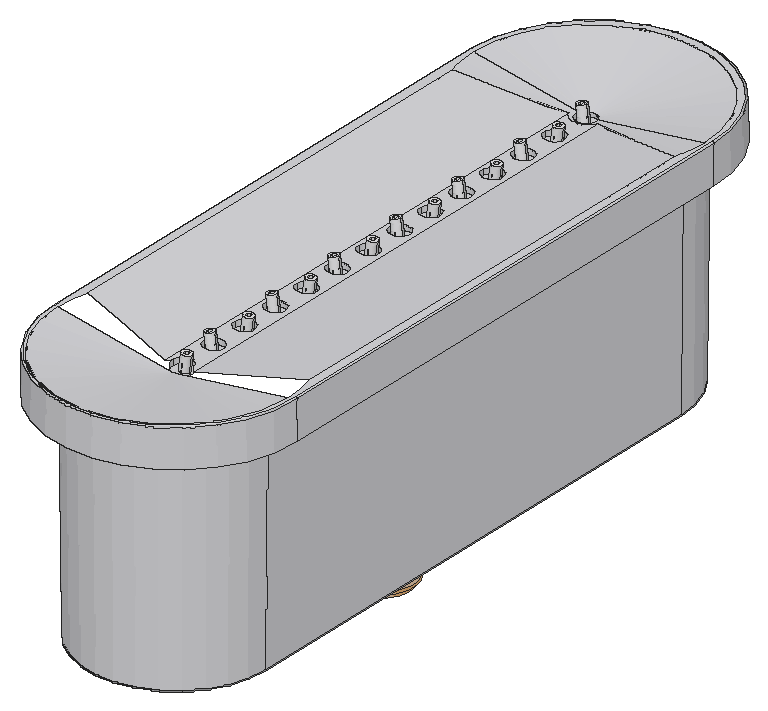
Revit family "Shower-Body_Spray-KOHLER-K-26300IN-1", category Plumbing Fixtures, host Face, Revit 2017
Family settings
  Host = Face
  Round Connector Dimension = Use Diameter
  Part Type = Normal
  OmniClass Number = 23.31.17.00
  Cut with Voids When Loaded = No
  Shared = No
  Room Calculation Point = No
Parameters (values of type "CP- Polished Chrome")
  Width = 3 119/256"  # constant formula
  WaterSense Certified = 1 = 0  # no
  Waste Water Outlet = "Waste Water Outlet"  # constant formula
  Waste Connection = 1 = 0  # no
  Vent Connection = 1 = 0  # no
  URL = "https://www.kohler.co.in/"
  Type = 1
  Tempered Water Inlet = "Tempered Water Inlet"  # constant formula
  Product Page URL = ""
  Product Name = ""
  Product Documentation Link = ""
  Pressure = 80.00 psi  # constant formula
  Model = if(Type = 1, "K-26300IN-CP", if(Type = 2, "K-26300IN-BN", if(Type = 3, "K-26300IN-BL", if(Type = 4, "K-26300IN-2MB", "NA"))))  # "K-26300IN-CP"
  Material = "Plastic"  # constant formula
  Master Format 2014 Name = "Residential Showers"  # constant formula
  Master Format 2014 = "22 42 23"  # constant formula
  Manufacturer Address = "Ambience Office Tower NH-8 Gurgaon / Gurugram Haryana , 122001"  # constant formula
  Manufacturer = "KOHLER Co."  # constant formula
  Length = 10 111/128"  # constant formula
  Hot Water Inlet = "Hot Water Inlet"  # constant formula
  Height = 4 145/256"  # constant formula
  HW Connection = 1 = 1  # yes
  Flow Rate = 2.5 GPM  # constant formula
  Finish = KOHLER-Plastic-CP-Polished_Chrome
  Environmental Product Declaration = ""
  Drain Included = 1 = 0  # no
  Description = "VICHY BODY SPRAY"  # constant formula
  Default Elevation = 0"
  Declare Label = ""
  Date Modified = "02/04/2021"  # constant formula
  Date Created = "02/04/2021"  # constant formula
  Copyright = "Copyright KOHLER Co."  # constant formula
  Contact Us = "https://www.kohler.co.in/contact-us"
  Cold Water Inlet = "Cold Water Inlet"  # constant formula
  CW Connection = 1 = 0  # no
  Assembly Code = "D2010700"
  ADA Compliant = 1 = 0  # no
Types (5): name | Type | Model | Finish
  (no name) | 1 | "K-26300IN-CP" | KOHLER-Plastic-CP-Polished_Chrome
  CP- Polished Chrome | 1 | "K-26300IN-CP" | KOHLER-Plastic-CP-Polished_Chrome
  BN- Brushed Nickel | 2 | "K-26300IN-BN" | KOHLER-Plastic-BN-Vibrant_Brushed_Nickel
  BL- Matte Black | 3 | "K-26300IN-BL" | KOHLER-Plastic-BL-Matte_Black
  2MB- Brushed Moderne Brass | 4 | "K-26300IN-2MB" | KOHLER-Plastic-2MB-Vibrant_Brushed_Moderne_Brass
Reference planes (in)
  plane 1 "Center (Front/Back)": y = 0
  plane 2: z = 0
  plane 3 "Center (Left/Right)": x = 0
  plane 4: z = -4.01523
  plane 5: z = -3.09055
  plane 6: y = 4.37008
  plane 7: y = 5.43307
  plane 8: y = -5.43412
  plane 9: z = 0.55118
  plane 10: x = -1.73228
  plane 11: x = 1.73256
  plane 12: x = -1.29921
  plane 13: x = 1.29921
  plane 14: y = -4.37008
Forms (in)
  Extrusion 1, void
    sketch origin (0, 0, 0) x (1, 0, 0) y (0, 1, 0)
      loop
        arc (1.65354, 3.70007) -> (0, 5.35361) -> (-1.65354, 3.70007) r 1.65354
        line (-1.65354, 3.70007) -> (-1.65354, -3.70007)
        arc (-1.65354, -3.70007) -> (0, -5.35361) -> (1.65354, -3.70007) r 1.65354
        line (1.65354, -3.70007) -> (1.65354, 3.70007)
    from 0 to -3.38583
Dimensions and locks (in)
  "Length": plane 7 to plane 8
  "Width": plane 10 to plane 11
  plane 6 to plane 14 = 8.74016"
  level to plane 9 = 0.55118"
  level to plane 4 = 4.01523"  (x2)
  level to plane 5 = 3.09055"
  plane 7 to plane 8 = 10 111/128"
  plane 12 to plane 13 = 2.59843"
  plane 9 to level = 0.55118"
  plane 10 to plane 11 = 3 119/256"
  "Height": plane 4 to plane 9
  aligned and locked: plane 2 to host face
  aligned and locked: level to host face
  aligned and locked: plane 3 "Center (Left/Right)" to nested 1
  aligned and locked: plane 1 "Center (Front/Back)" to nested 1
  aligned and locked: level to nested 1
Automatic sketch dimensions
  host sketch curve to host sketch curve = 96"  (x2)
  Extrusion 1 sketch curve to plane 3 "Center (Left/Right)" = 0"
  Extrusion 1 sketch curve to plane 10 = 0.07874"
  Extrusion 1 sketch curve to plane 14 = 0.67001"
  Extrusion 1 sketch curve to plane 6 = 0.67001"
Nested families (in)
  nested 1: "K-26300IN" at (0, 0, -3.38583), type "K-26300IN"
Connectors (in)
  piping at (0, 0, -4.01575), diameter 0.5, driven by "Flow Rate", driven by "Pressure", driven by "HW Connection", driven by "Tempered Water Inlet"
    settings: on nested 1, index 1, connector inside diameter 24", connector length 0", flow factor 0, pipe flow 2.5 GPM, pressure drop 80.00 psi, fitting loss kfactor 0, connector angle 0.00°, fixture units 0, engagement length 0", angle of deflection 0.00°, flow configuration 1, flow direction 1, fitting loss method 4, system type 19, joint type 0, gender type 0, connector reference index -1, connector utility 1, adjustable connector no, is connector primary yes, connector description "Tempered Water Inlet"
Definition of nested family "K-26300IN"
  Parameters (values of type "K-26300IN")
    Material = none
  Reference planes (in)
    plane 1 "Center (Front/Back)": y = 0
    plane 2: z = 0
    plane 3 "Center (Left/Right)": x = 0
    plane 4: y = 5.43307
    plane 5: y = -5.43307
    plane 6: x = -1.73228
    plane 7: x = 1.73228
    plane 8: y = 4.37008
    plane 9: y = -4.37008
    plane 10: z = 3.93701
    plane 11: z = 3.38583
    plane 12: z = 0.29528
    plane 13: z = -0.62992
    plane 14: x = -1.29921
    plane 15: x = 1.29921
  Forms (in)
    Sweep 1, solid, material <- "Material", detail levels medium+fine
      path origin (0, 0, 0) x (1, 0, 0) y (0, 1, 0)
        loop
          arc (1.731, 3.70007) -> (0, 5.43106) -> (-1.731, 3.70007) r 1.731
          line (-1.731, 3.70007) -> (-1.731, -3.70049)
          arc (-1.731, -3.70049) -> (0, -5.43148) -> (1.731, -3.70049) r 1.731
          line (1.731, -3.70049) -> (1.731, 3.70007)
      profile origin (1.731, -0.00021, 0) x (1, 0, 0) y (0, 0, 1)
        loop
          line (0, 3.396) -> (-0.01067, 3.92599)
          arc (-0.01067, 3.92599) -> (-0.01668, 3.93989) -> (-0.03069, 3.94561) r 0.02002
          line (-0.03069, 3.94561) -> (-0.58799, 3.94561) -> (-0.58799, 0.30545) -> (-0.47845, 0.30545)
          arc (-0.47845, 0.30545) -> (-0.46446, 0.31121) -> (-0.45858, 0.32515) r 0.01987
          line (-0.45858, 0.32515) -> (-0.43178, 3.396) -> (0, 3.396)
    Extrusion 2, solid, material <- "Material", detail levels medium+fine
      sketch origin (0, 0, 0) x (1, 0, 0) y (0, 1, 0)
        loop
          arc (-1.143, -3.70049) -> (0, -4.84349) -> (1.143, -3.70049) r 1.143
          line (1.143, -3.70049) -> (1.143, 3.70007)
          arc (1.143, 3.70007) -> (0, 4.84307) -> (-1.143, 3.70007) r 1.143
          line (-1.143, 3.70007) -> (-1.143, -3.70049)
      from 0.30545 to 3.94561
    Extrusion 3, void
      sketch origin (0, 0, 0) x (1, 0, 0) y (0, 0, 1)
        loop
          line (0.20833, 3.72268) -> (1.57581, 3.94561) -> (1.57581, 4.01399) -> (-1.57581, 4.01399) -> (-1.57581, 3.94561) -> (-0.20833, 3.72268) -> (0.20833, 3.72268)
      from -3.72679 to 3.79527
    Revolve 4, void
      sketch origin (0, 0, 0) x (0, 1, 0) y (0, 0, 1)
        loop
          line (-5.83099, 4.01497) -> (-3.75129, 3.68558) -> (-3.75129, 4.01497) -> (-5.83099, 4.01497)
        axis (-3.75129, 4.01497) -> (-3.75129, 3.68558)
      angle from -90 to 270
    Revolve 5, void
      sketch origin (-6.70036, 3.64367, 47.24409) x (-1, 0, 0) y (0, 0, 1)
        loop
          line (-6.69976, -43.55858) -> (-4.99667, -43.28884) -> (-6.69976, -43.28884) -> (-6.69976, -43.55858)
        axis (-6.69976, -43.28884) -> (-6.69976, -43.55858)
      angle from 0 to 360
    Extrusion 6, solid, detail levels medium+fine
      sketch origin (-0.52515, 0, 0.04308) x (0.990268, 0, -0.139173) y (0, 1, 0)
        loop
          circle (0.04432, -0.27499) r 0.07032
        loop
          circle (0.04432, -0.27499) r 0.03271
      from 3.58349 to 3.87596
    Extrusion 7, solid, detail levels medium+fine
      sketch origin (-0.52515, -1.10584, 0.04308) x (0.990268, 0, -0.139173) y (0, 1, 0)
        loop
          circle (0.04432, -0.27499) r 0.07032
        loop
          circle (0.04432, -0.27499) r 0.03271
      from 3.58349 to 3.87596
    Extrusion 8, solid, detail levels medium+fine
      sketch origin (-0.52515, -2.20617, 0.04308) x (0.990268, 0, -0.139173) y (0, 1, 0)
        loop
          circle (0.04432, -0.27499) r 0.07032
        loop
          circle (0.04432, -0.27499) r 0.03271
      from 3.58349 to 3.87596
    Extrusion 9, solid, detail levels medium+fine
      sketch origin (-0.52515, -3.30677, 0.04308) x (0.990268, 0, -0.139173) y (0, 1, 0)
        loop
          circle (0.04432, -0.27499) r 0.07032
        loop
          circle (0.04432, -0.27499) r 0.03271
      from 3.58349 to 3.87596
    Extrusion 10, solid, detail levels medium+fine
      sketch origin (0.52515, -0.55135, 0.04308) x (-0.990268, 0, -0.139173) y (0, -1, 0)
        loop
          circle (0.04432, 0.27499) r 0.07032
        loop
          circle (0.04432, 0.27499) r 0.03271
      from 3.58349 to 3.87596
    Extrusion 11, solid, detail levels medium+fine
      sketch origin (0.52515, -1.64969, 0.04308) x (-0.990268, 0, -0.139173) y (0, -1, 0)
        loop
          circle (0.04432, 0.27499) r 0.07032
        loop
          circle (0.04432, 0.27499) r 0.03271
      from 3.58349 to 3.87596
    Extrusion 12, solid, detail levels medium+fine
      sketch origin (0.52515, -2.75456, 0.04308) x (-0.990268, 0, -0.139173) y (0, -1, 0)
        loop
          circle (0.04432, 0.27499) r 0.07032
        loop
          circle (0.04432, 0.27499) r 0.03271
      from 3.58349 to 3.87596
    Extrusion 13, solid, detail levels medium+fine
      sketch origin (-0.52515, 3.29969, 0.04308) x (0.990268, 0, -0.139173) y (0, 1, 0)
        loop
          circle (0.04432, -0.27499) r 0.07032
        loop
          circle (0.04432, -0.27499) r 0.03271
      from 3.58349 to 3.87596
    Extrusion 14, solid, detail levels medium+fine
      sketch origin (-0.52515, 2.19936, 0.04308) x (0.990268, 0, -0.139173) y (0, 1, 0)
        loop
          circle (0.04432, -0.27499) r 0.07032
        loop
          circle (0.04432, -0.27499) r 0.03271
      from 3.58349 to 3.87596
    Extrusion 15, solid, detail levels medium+fine
      sketch origin (-0.52515, 1.09876, 0.04308) x (0.990268, 0, -0.139173) y (0, 1, 0)
        loop
          circle (0.04432, -0.27499) r 0.07032
        loop
          circle (0.04432, -0.27499) r 0.03271
      from 3.58349 to 3.87596
    Extrusion 16, solid, detail levels medium+fine
      sketch origin (0.52515, 3.85418, 0.04308) x (-0.990268, 0, -0.139173) y (0, -1, 0)
        loop
          circle (0.04432, 0.27499) r 0.07032
        loop
          circle (0.04432, 0.27499) r 0.03271
      from 3.58349 to 3.87596
    Extrusion 17, solid, detail levels medium+fine
      sketch origin (0.52515, 2.75584, 0.04308) x (-0.990268, 0, -0.139173) y (0, -1, 0)
        loop
          circle (0.04432, 0.27499) r 0.07032
        loop
          circle (0.04432, 0.27499) r 0.03271
      from 3.58349 to 3.87596
    Extrusion 18, solid, detail levels medium+fine
      sketch origin (0.52515, 1.65097, 0.04308) x (-0.990268, 0, -0.139173) y (0, -1, 0)
        loop
          circle (0.04432, 0.27499) r 0.07032
        loop
          circle (0.04432, 0.27499) r 0.03271
      from 3.58349 to 3.87596
    Extrusion 19, solid, detail levels medium+fine
      sketch origin (0.52515, -0.00038, 0.04308) x (-0.990268, 0, -0.139173) y (0, -1, 0)
        loop
          circle (0.04432, -0.27499) r 0.07032
        loop
          circle (0.04432, -0.27499) r 0.03271
      from 3.58349 to 3.87596
    Revolve 20, solid, detail levels medium+fine
      sketch origin (0, 0, 0) x (0, 1, 0) y (0, 0, 1)
        loop
          line (0, 0.30545) -> (0, -0.62992) -> (0.35375, -0.62992) -> (0.35375, -0.58706) -> (0.41982, -0.54892) -> (0.41982, -0.51425) -> (0.35375, -0.47611) -> (0.35375, -0.42836) -> (0.41982, -0.39021) -> (0.41982, -0.35555) -> (0.35375, -0.3174) -> (0.35375, -0.26966) -> (0.41982, -0.23151) -> (0.41982, -0.19685) -> (0.35375, -0.1587) -> (0.35375, -0.11095) -> (0.41982, -0.07281) -> (0.41982, -0.03815) -> (0.35375, 0) -> (0.35375, 0.04775) -> (0.41982, 0.08589) -> (0.41982, 0.12056) -> (0.35375, 0.1587) -> (0.35375, 0.19449) -> (0.41982, 0.23264) -> (0.41982, 0.30545) -> (0, 0.30545)
        axis (0, 0.30545) -> (0, -0.62992)
      angle from 0 to 360
    Extrusion 21, void
      sketch origin (0, 0, 0) x (1, 0, 0) y (0, 1, 0)
        loop
          circle (0, 3.5816) r 0.14425
        loop
          circle (0, 3.0247) r 0.14425
        loop
          circle (0, 2.47508) r 0.14425
        loop
          circle (0, 1.92445) r 0.14425
        loop
          circle (0, 1.37222) r 0.14425
        loop
          circle (0, 0.82377) r 0.14425
        loop
          circle (0, 0.28061) r 0.14425
        loop
          circle (0, -0.27499) r 0.14425
        loop
          circle (0, -0.82721) r 0.14425
        loop
          circle (0, -1.37647) r 0.14425
        loop
          circle (0, -1.93197) r 0.14425
        loop
          circle (0, -2.48127) r 0.14425
        loop
          circle (0, -3.02874) r 0.14425
        loop
          circle (0, -3.58176) r 0.14425
      from 3.65033 to 4.21312
    Extrusion 22, solid, material <- "Material", detail levels coarse
      sketch origin (0, 0, 0) x (1, 0, 0) y (0, 1, 0)
        loop
          line (-1.731, 3.70007) -> (-1.731, -3.70049)
          arc (-1.731, -3.70049) -> (0, -5.43148) -> (1.731, -3.70049) r 1.731
          line (1.731, -3.70049) -> (1.731, 3.70007)
          arc (1.731, 3.70007) -> (0, 5.43106) -> (-1.731, 3.70007) r 1.731
      from 3.396 to 3.94561
    Extrusion 23, solid, detail levels coarse
      sketch origin (0, 0, 0) x (1, 0, 0) y (0, 1, 0)
        loop
          circle (0, 0) r 0.41982
      from -0.62992 to 0.30545
    Extrusion 24, solid, material <- "Material", detail levels coarse
      sketch origin (0, 0, 0) x (1, 0, 0) y (0, 1, 0)
        loop
          line (-1.29921, 3.70007) -> (-1.29921, -3.70049)
          arc (-1.29921, -3.70049) -> (0, -4.9997) -> (1.29921, -3.70049) r 1.29921
          line (1.29921, -3.70049) -> (1.29921, 3.70007)
          arc (1.29921, 3.70007) -> (0, 4.99928) -> (-1.29921, 3.70007) r 1.29921
      from 0.30545 to 3.396
  Cuts and joins
    Extrusion 3, Revolve 4, Revolve 5, Extrusion 21 cuts Sweep 1
    Extrusion 3, Revolve 4, Revolve 5, Extrusion 21 cuts Extrusion 2
    joined: Sweep 1, Extrusion 2
  Lines and regions (in)
    Masking region 1
      outline origin (0, 0, 0) x (1, 0, 0) y (0, 1, 0)
        loop
          line (1.73228, -3.70173) -> (1.73228, 3.70171)
          arc (1.73228, 3.70171) -> (0, 5.43399) -> (-1.73228, 3.70171) r 1.73228
          line (-1.73228, 3.70171) -> (-1.73228, -3.70173)
          arc (-1.73228, -3.70173) -> (0, -5.43401) -> (1.73228, -3.70173) r 1.73228
    Masking region 2
      outline origin (0, 0, 0) x (1, 0, 0) y (0, 0, 1)
        loop
          line (-0.41996, 0.29528) -> (-0.41996, 0.23264) -> (-0.35389, 0.19449) -> (-0.35389, 0.1587) -> (-0.41996, 0.12056) -> (-0.41996, 0.08589) -> (-0.35389, 0.04775) -> (-0.35389, 0) -> (-0.41996, -0.03815) -> (-0.41996, -0.07281) -> (-0.35389, -0.11095) -> (-0.35389, -0.1587) -> (-0.41996, -0.19685) -> (-0.41996, -0.23151) -> (-0.35389, -0.26966) -> (-0.35389, -0.3174) -> (-0.41996, -0.35555) -> (-0.41996, -0.39021) -> (-0.35389, -0.42836) -> (-0.35389, -0.47611) -> (-0.41996, -0.51425) -> (-0.41996, -0.54892) -> (-0.35389, -0.58706) -> (-0.35389, -0.62992) -> (0.35389, -0.62992) -> (0.35389, -0.58706) -> (0.41996, -0.54892) -> (0.41996, -0.51425) -> (0.35389, -0.47611) -> (0.35389, -0.42836) -> (0.41996, -0.39021) -> (0.41996, -0.35555) -> (0.35389, -0.3174) -> (0.35389, -0.26966) -> (0.41996, -0.23151) -> (0.41996, -0.19685) -> (0.35389, -0.1587) -> (0.35389, -0.11095) -> (0.41996, -0.07281) -> (0.41996, -0.03815) -> (0.35389, 0) -> (0.35389, 0.04775) -> (0.41996, 0.08589) -> (0.41996, 0.12056) -> (0.35389, 0.1587) -> (0.35389, 0.19449) -> (0.41996, 0.23264) -> (0.41996, 0.29528) -> (1.25192, 0.29528)
          arc (1.25192, 0.29528) -> (1.26617, 0.30114) -> (1.27216, 0.31534) r 0.02024
          line (1.27216, 0.31534) -> (1.29895, 3.38583) -> (1.731, 3.38583) -> (1.72052, 3.91676)
          arc (1.72052, 3.91676) -> (1.71433, 3.9311) -> (1.69987, 3.93701) r 0.02066
          line (1.69987, 3.93701) -> (-1.69987, 3.93701)
          arc (-1.69987, 3.93701) -> (-1.71433, 3.9311) -> (-1.72052, 3.91676) r 0.02066
          line (-1.72052, 3.91676) -> (-1.731, 3.38583) -> (-1.29895, 3.38583) -> (-1.27216, 0.31534)
          arc (-1.27216, 0.31534) -> (-1.26617, 0.30114) -> (-1.25192, 0.29528) r 0.02024
          line (-1.25192, 0.29528) -> (-0.41996, 0.29528)
    Masking region 3
      outline origin (0, 0, 0) x (0, 1, 0) y (0, 0, 1)
        loop
          line (0.41982, 0.29528) -> (4.31283, 0.29528)
          arc (4.31283, 0.29528) -> (4.3271, 0.30113) -> (4.33312, 0.31532) r 0.02029
          line (4.33312, 0.31532) -> (4.36994, 3.38583) -> (5.43307, 3.38583) -> (5.42052, 3.91647)
          arc (5.42052, 3.91647) -> (5.41419, 3.93102) -> (5.39949, 3.93701) r 0.02104
          line (5.39949, 3.93701) -> (-5.39949, 3.93701)
          arc (-5.39949, 3.93701) -> (-5.41419, 3.93102) -> (-5.42052, 3.91647) r 0.02104
          line (-5.42052, 3.91647) -> (-5.43307, 3.38583) -> (-4.36994, 3.38583) -> (-4.33313, 0.31533)
          arc (-4.33313, 0.31533) -> (-4.3271, 0.30113) -> (-4.31283, 0.29528) r 0.02029
          line (-4.31283, 0.29528) -> (-0.41982, 0.29528) -> (-0.41982, 0.23264) -> (-0.35375, 0.19449) -> (-0.35375, 0.1587) -> (-0.41982, 0.12056) -> (-0.41982, 0.08589) -> (-0.35375, 0.04775) -> (-0.35375, 0) -> (-0.41982, -0.03815) -> (-0.41982, -0.07281) -> (-0.35375, -0.11095) -> (-0.35375, -0.1587) -> (-0.41982, -0.19685) -> (-0.41982, -0.23151) -> (-0.35375, -0.26966) -> (-0.35375, -0.3174) -> (-0.41982, -0.35555) -> (-0.41982, -0.39021) -> (-0.35375, -0.42836) -> (-0.35375, -0.47611) -> (-0.41982, -0.51425) -> (-0.41982, -0.54892) -> (-0.35375, -0.58706) -> (-0.35375, -0.62992) -> (0.35375, -0.62992) -> (0.35375, -0.58706) -> (0.41982, -0.54892) -> (0.41982, -0.51425) -> (0.35375, -0.47611) -> (0.35375, -0.42836) -> (0.41982, -0.39021) -> (0.41982, -0.35555) -> (0.35375, -0.3174) -> (0.35375, -0.26966) -> (0.41982, -0.23151) -> (0.41982, -0.19685) -> (0.35375, -0.1587) -> (0.35375, -0.11095) -> (0.41982, -0.07281) -> (0.41982, -0.03815) -> (0.35375, 0) -> (0.35375, 0.04775) -> (0.41982, 0.08589) -> (0.41982, 0.12056) -> (0.35375, 0.1587) -> (0.35375, 0.19449) -> (0.41982, 0.23264) -> (0.41982, 0.29528)
    symbolic lines, detail levels medium+fine
      curve 1: arc (1.65354, 3.70007, 0) -> (0, 5.35361, 0) -> (-1.65354, 3.70007, 0) r 1.65354
      curve 2: arc (1.65354, -3.70007, 0) -> (0, -5.35361, 0) -> (-1.65354, -3.70007, 0) r 1.65354
      curve 3: line (-1.65354, -3.70007, 0) -> (-1.65354, 3.70007, 0)
      curve 4: line (1.65354, -3.70007, 0) -> (1.65354, 3.70007, 0)
      curve 5: line (-0.20833, 3.64513, 0) -> (-0.20833, -3.64513, 0)
      curve 6: line (0.20833, -3.64513, 0) -> (0.20833, 3.64513, 0)
      curve 7: arc (-0.20833, -3.64513, 0) -> (0, -3.85346, 0) -> (0.20833, -3.64513, 0) r 0.20833
      curve 8: arc (-0.20833, 3.64513, 0) -> (0, 3.85346, 0) -> (0.20833, 3.64513, 0) r 0.20833
      curve 9: spline (-0.05817, 3.61189, 0) -> (-0.04979, 3.61078, 0) -> (-0.04197, 3.60751, 0) -> (-0.03527, 3.60231, 0) -> (-0.03012, 3.59554, 0) -> (-0.02688, 3.58765, 0) -> (-0.02578, 3.57919, 0) -> (-0.02688, 3.57072, 0) -> (-0.03012, 3.56283, 0) -> (-0.03527, 3.55606, 0) -> (-0.04197, 3.55086, 0) -> (-0.04979, 3.54759, 0) -> (-0.05817, 3.54648, 0) -> (-0.06655, 3.54759, 0) -> (-0.07436, 3.55086, 0) -> (-0.08107, 3.55606, 0) -> (-0.08622, 3.56283, 0) -> (-0.08945, 3.57072, 0) -> (-0.09056, 3.57919, 0) -> (-0.08945, 3.58765, 0) -> (-0.08622, 3.59554, 0) -> (-0.08107, 3.60231, 0) -> (-0.07436, 3.60751, 0) -> (-0.06655, 3.61078, 0) -> (-0.05817, 3.61189, 0)
      curve 10: spline (-0.05817, 3.50887, 0) -> (-0.04015, 3.51126, 0) -> (-0.02335, 3.51829, 0) -> (-0.00893, 3.52946, 0) -> (0.00214, 3.54403, 0) -> (0.00909, 3.56099, 0) -> (0.01147, 3.57919, 0) -> (0.00909, 3.59739, 0) -> (0.00214, 3.61435, 0) -> (-0.00893, 3.62891, 0) -> (-0.02335, 3.64009, 0) -> (-0.04015, 3.64711, 0) -> (-0.05817, 3.64951, 0) -> (-0.07619, 3.64711, 0) -> (-0.09299, 3.64009, 0) -> (-0.10741, 3.62891, 0) -> (-0.11848, 3.61435, 0) -> (-0.12543, 3.59739, 0) -> (-0.12781, 3.57919, 0) -> (-0.12543, 3.56099, 0) -> (-0.11848, 3.54403, 0) -> (-0.10741, 3.52946, 0) -> (-0.09299, 3.51829, 0) -> (-0.07619, 3.51126, 0) -> (-0.05817, 3.50887, 0)
      curve 11: spline (0.05817, 3.05741, 0) -> (0.06655, 3.05629, 0) -> (0.07436, 3.05303, 0) -> (0.08107, 3.04783, 0) -> (0.08622, 3.04105, 0) -> (0.08945, 3.03317, 0) -> (0.09056, 3.0247, 0) -> (0.08945, 3.01624, 0) -> (0.08622, 3.00835, 0) -> (0.08107, 3.00157, 0) -> (0.07436, 2.99638, 0) -> (0.06655, 2.99311, 0) -> (0.05817, 2.99199, 0) -> (0.04979, 2.99311, 0) -> (0.04197, 2.99638, 0) -> (0.03527, 3.00157, 0) -> (0.03012, 3.00835, 0) -> (0.02688, 3.01624, 0) -> (0.02578, 3.0247, 0) -> (0.02688, 3.03317, 0) -> (0.03012, 3.04105, 0) -> (0.03527, 3.04783, 0) -> (0.04197, 3.05303, 0) -> (0.04979, 3.05629, 0) -> (0.05817, 3.05741, 0)
      curve 12: spline (0.05817, 2.95438, 0) -> (0.07619, 2.95678, 0) -> (0.09299, 2.9638, 0) -> (0.10741, 2.97498, 0) -> (0.11848, 2.98954, 0) -> (0.12543, 3.0065, 0) -> (0.12781, 3.0247, 0) -> (0.12543, 3.0429, 0) -> (0.11848, 3.05986, 0) -> (0.10741, 3.07443, 0) -> (0.09299, 3.0856, 0) -> (0.07619, 3.09263, 0) -> (0.05817, 3.09502, 0) -> (0.04015, 3.09263, 0) -> (0.02335, 3.0856, 0) -> (0.00893, 3.07443, 0) -> (-0.00214, 3.05986, 0) -> (-0.00909, 3.0429, 0) -> (-0.01147, 3.0247, 0) -> (-0.00909, 3.0065, 0) -> (-0.00214, 2.98954, 0) -> (0.00893, 2.97498, 0) -> (0.02335, 2.9638, 0) -> (0.04015, 2.95678, 0) -> (0.05817, 2.95438, 0)
      curve 13: spline (-0.05817, 2.51356, 0) -> (-0.04979, 2.51244, 0) -> (-0.04197, 2.50918, 0) -> (-0.03527, 2.50398, 0) -> (-0.03012, 2.4972, 0) -> (-0.02688, 2.48932, 0) -> (-0.02578, 2.48085, 0) -> (-0.02688, 2.47239, 0) -> (-0.03012, 2.4645, 0) -> (-0.03527, 2.45772, 0) -> (-0.04197, 2.45253, 0) -> (-0.04979, 2.44926, 0) -> (-0.05817, 2.44814, 0) -> (-0.06655, 2.44926, 0) -> (-0.07436, 2.45253, 0) -> (-0.08107, 2.45772, 0) -> (-0.08622, 2.4645, 0) -> (-0.08945, 2.47239, 0) -> (-0.09056, 2.48085, 0) -> (-0.08945, 2.48932, 0) -> (-0.08622, 2.4972, 0) -> (-0.08107, 2.50398, 0) -> (-0.07436, 2.50918, 0) -> (-0.06655, 2.51244, 0) -> (-0.05817, 2.51356, 0)
      curve 14: spline (-0.05817, 2.41053, 0) -> (-0.04015, 2.41293, 0) -> (-0.02335, 2.41995, 0) -> (-0.00893, 2.43113, 0) -> (0.00214, 2.44569, 0) -> (0.00909, 2.46265, 0) -> (0.01147, 2.48085, 0) -> (0.00909, 2.49905, 0) -> (0.00214, 2.51601, 0) -> (-0.00893, 2.53058, 0) -> (-0.02335, 2.54175, 0) -> (-0.04015, 2.54878, 0) -> (-0.05817, 2.55117, 0) -> (-0.07619, 2.54878, 0) -> (-0.09299, 2.54175, 0) -> (-0.10741, 2.53058, 0) -> (-0.11848, 2.51601, 0) -> (-0.12543, 2.49905, 0) -> (-0.12781, 2.48085, 0) -> (-0.12543, 2.46265, 0) -> (-0.11848, 2.44569, 0) -> (-0.10741, 2.43113, 0) -> (-0.09299, 2.41995, 0) -> (-0.07619, 2.41293, 0) -> (-0.05817, 2.41053, 0)
      curve 15: spline (0.05817, 1.95708, 0) -> (0.06655, 1.95596, 0) -> (0.07436, 1.9527, 0) -> (0.08107, 1.9475, 0) -> (0.08622, 1.94072, 0) -> (0.08945, 1.93284, 0) -> (0.09056, 1.92437, 0) -> (0.08945, 1.91591, 0) -> (0.08622, 1.90802, 0) -> (0.08107, 1.90124, 0) -> (0.07436, 1.89605, 0) -> (0.06655, 1.89278, 0) -> (0.05817, 1.89166, 0) -> (0.04979, 1.89278, 0) -> (0.04197, 1.89605, 0) -> (0.03527, 1.90124, 0) -> (0.03012, 1.90802, 0) -> (0.02688, 1.91591, 0) -> (0.02578, 1.92437, 0) -> (0.02688, 1.93284, 0) -> (0.03012, 1.94072, 0) -> (0.03527, 1.9475, 0) -> (0.04197, 1.9527, 0) -> (0.04979, 1.95596, 0) -> (0.05817, 1.95708, 0)
      curve 16: spline (0.05817, 1.85405, 0) -> (0.07619, 1.85645, 0) -> (0.09299, 1.86347, 0) -> (0.10741, 1.87465, 0) -> (0.11848, 1.88921, 0) -> (0.12543, 1.90617, 0) -> (0.12781, 1.92437, 0) -> (0.12543, 1.94257, 0) -> (0.11848, 1.95953, 0) -> (0.10741, 1.97409, 0) -> (0.09299, 1.98527, 0) -> (0.07619, 1.9923, 0) -> (0.05817, 1.99469, 0) -> (0.04015, 1.9923, 0) -> (0.02335, 1.98527, 0) -> (0.00893, 1.97409, 0) -> (-0.00214, 1.95953, 0) -> (-0.00909, 1.94257, 0) -> (-0.01147, 1.92437, 0) -> (-0.00909, 1.90617, 0) -> (-0.00214, 1.88921, 0) -> (0.00893, 1.87465, 0) -> (0.02335, 1.86347, 0) -> (0.04015, 1.85645, 0) -> (0.05817, 1.85405, 0)
      curve 17: spline (-0.05817, 1.40868, 0) -> (-0.04979, 1.40757, 0) -> (-0.04197, 1.4043, 0) -> (-0.03527, 1.3991, 0) -> (-0.03012, 1.39233, 0) -> (-0.02688, 1.38444, 0) -> (-0.02578, 1.37598, 0) -> (-0.02688, 1.36751, 0) -> (-0.03012, 1.35962, 0) -> (-0.03527, 1.35285, 0) -> (-0.04197, 1.34765, 0) -> (-0.04979, 1.34438, 0) -> (-0.05817, 1.34327, 0) -> (-0.06655, 1.34438, 0) -> (-0.07436, 1.34765, 0) -> (-0.08107, 1.35285, 0) -> (-0.08622, 1.35962, 0) -> (-0.08945, 1.36751, 0) -> (-0.09056, 1.37598, 0) -> (-0.08945, 1.38444, 0) -> (-0.08622, 1.39233, 0) -> (-0.08107, 1.3991, 0) -> (-0.07436, 1.4043, 0) -> (-0.06655, 1.40757, 0) -> (-0.05817, 1.40868, 0)
      curve 18: spline (-0.05817, 1.30566, 0) -> (-0.04015, 1.30805, 0) -> (-0.02335, 1.31508, 0) -> (-0.00893, 1.32625, 0) -> (0.00214, 1.34082, 0) -> (0.00909, 1.35778, 0) -> (0.01147, 1.37598, 0) -> (0.00909, 1.39418, 0) -> (0.00214, 1.41114, 0) -> (-0.00893, 1.4257, 0) -> (-0.02335, 1.43688, 0) -> (-0.04015, 1.4439, 0) -> (-0.05817, 1.4463, 0) -> (-0.07619, 1.4439, 0) -> (-0.09299, 1.43688, 0) -> (-0.10741, 1.4257, 0) -> (-0.11848, 1.41114, 0) -> (-0.12543, 1.39418, 0) -> (-0.12781, 1.37598, 0) -> (-0.12543, 1.35778, 0) -> (-0.11848, 1.34082, 0) -> (-0.10741, 1.32625, 0) -> (-0.09299, 1.31508, 0) -> (-0.07619, 1.30805, 0) -> (-0.05817, 1.30566, 0)
      curve 19: spline (0.05817, 0.85647, 0) -> (0.06655, 0.85536, 0) -> (0.07436, 0.85209, 0) -> (0.08107, 0.84689, 0) -> (0.08622, 0.84012, 0) -> (0.08945, 0.83223, 0) -> (0.09056, 0.82377, 0) -> (0.08945, 0.8153, 0) -> (0.08622, 0.80741, 0) -> (0.08107, 0.80064, 0) -> (0.07436, 0.79544, 0) -> (0.06655, 0.79217, 0) -> (0.05817, 0.79106, 0) -> (0.04979, 0.79217, 0) -> (0.04197, 0.79544, 0) -> (0.03527, 0.80064, 0) -> (0.03012, 0.80741, 0) -> (0.02688, 0.8153, 0) -> (0.02578, 0.82377, 0) -> (0.02688, 0.83223, 0) -> (0.03012, 0.84012, 0) -> (0.03527, 0.84689, 0) -> (0.04197, 0.85209, 0) -> (0.04979, 0.85536, 0) -> (0.05817, 0.85647, 0)
      curve 20: spline (0.05817, 0.75345, 0) -> (0.07619, 0.75584, 0) -> (0.09299, 0.76287, 0) -> (0.10741, 0.77404, 0) -> (0.11848, 0.78861, 0) -> (0.12543, 0.80557, 0) -> (0.12781, 0.82377, 0) -> (0.12543, 0.84197, 0) -> (0.11848, 0.85893, 0) -> (0.10741, 0.87349, 0) -> (0.09299, 0.88467, 0) -> (0.07619, 0.89169, 0) -> (0.05817, 0.89409, 0) -> (0.04015, 0.89169, 0) -> (0.02335, 0.88467, 0) -> (0.00893, 0.87349, 0) -> (-0.00214, 0.85893, 0) -> (-0.00909, 0.84197, 0) -> (-0.01147, 0.82377, 0) -> (-0.00909, 0.80557, 0) -> (-0.00214, 0.78861, 0) -> (0.00893, 0.77404, 0) -> (0.02335, 0.76287, 0) -> (0.04015, 0.75584, 0) -> (0.05817, 0.75345, 0)
      curve 21: spline (-0.05817, 0.30732, 0) -> (-0.04979, 0.3062, 0) -> (-0.04197, 0.30293, 0) -> (-0.03527, 0.29774, 0) -> (-0.03012, 0.29096, 0) -> (-0.02688, 0.28307, 0) -> (-0.02578, 0.27461, 0) -> (-0.02688, 0.26614, 0) -> (-0.03012, 0.25826, 0) -> (-0.03527, 0.25148, 0) -> (-0.04197, 0.24628, 0) -> (-0.04979, 0.24302, 0) -> (-0.05817, 0.2419, 0) -> (-0.06655, 0.24302, 0) -> (-0.07436, 0.24628, 0) -> (-0.08107, 0.25148, 0) -> (-0.08622, 0.25826, 0) -> (-0.08945, 0.26614, 0) -> (-0.09056, 0.27461, 0) -> (-0.08945, 0.28307, 0) -> (-0.08622, 0.29096, 0) -> (-0.08107, 0.29774, 0) -> (-0.07436, 0.30293, 0) -> (-0.06655, 0.3062, 0) -> (-0.05817, 0.30732, 0)
      curve 22: spline (-0.05817, 0.20429, 0) -> (-0.04015, 0.20669, 0) -> (-0.02335, 0.21371, 0) -> (-0.00893, 0.22489, 0) -> (0.00214, 0.23945, 0) -> (0.00909, 0.25641, 0) -> (0.01147, 0.27461, 0) -> (0.00909, 0.29281, 0) -> (0.00214, 0.30977, 0) -> (-0.00893, 0.32433, 0) -> (-0.02335, 0.33551, 0) -> (-0.04015, 0.34253, 0) -> (-0.05817, 0.34493, 0) -> (-0.07619, 0.34253, 0) -> (-0.09299, 0.33551, 0) -> (-0.10741, 0.32433, 0) -> (-0.11848, 0.30977, 0) -> (-0.12543, 0.29281, 0) -> (-0.12781, 0.27461, 0) -> (-0.12543, 0.25641, 0) -> (-0.11848, 0.23945, 0) -> (-0.10741, 0.22489, 0) -> (-0.09299, 0.21371, 0) -> (-0.07619, 0.20669, 0) -> (-0.05817, 0.20429, 0)
      curve 23: spline (0.05817, -0.24228, 0) -> (0.06655, -0.2434, 0) -> (0.07436, -0.24666, 0) -> (0.08107, -0.25186, 0) -> (0.08622, -0.25864, 0) -> (0.08945, -0.26652, 0) -> (0.09056, -0.27499, 0) -> (0.08945, -0.28345, 0) -> (0.08622, -0.29134, 0) -> (0.08107, -0.29812, 0) -> (0.07436, -0.30331, 0) -> (0.06655, -0.30658, 0) -> (0.05817, -0.3077, 0) -> (0.04979, -0.30658, 0) -> (0.04197, -0.30331, 0) -> (0.03527, -0.29812, 0) -> (0.03012, -0.29134, 0) -> (0.02688, -0.28345, 0) -> (0.02578, -0.27499, 0) -> (0.02688, -0.26652, 0) -> (0.03012, -0.25864, 0) -> (0.03527, -0.25186, 0) -> (0.04197, -0.24666, 0) -> (0.04979, -0.2434, 0) -> (0.05817, -0.24228, 0)
      curve 24: spline (0.05817, -0.34531, 0) -> (0.07619, -0.34291, 0) -> (0.09299, -0.33589, 0) -> (0.10741, -0.32471, 0) -> (0.11848, -0.31015, 0) -> (0.12543, -0.29319, 0) -> (0.12781, -0.27499, 0) -> (0.12543, -0.25679, 0) -> (0.11848, -0.23983, 0) -> (0.10741, -0.22526, 0) -> (0.09299, -0.21409, 0) -> (0.07619, -0.20706, 0) -> (0.05817, -0.20467, 0) -> (0.04015, -0.20706, 0) -> (0.02335, -0.21409, 0) -> (0.00893, -0.22526, 0) -> (-0.00214, -0.23983, 0) -> (-0.00909, -0.25679, 0) -> (-0.01147, -0.27499, 0) -> (-0.00909, -0.29319, 0) -> (-0.00214, -0.31015, 0) -> (0.00893, -0.32471, 0) -> (0.02335, -0.33589, 0) -> (0.04015, -0.34291, 0) -> (0.05817, -0.34531, 0)
      curve 25: spline (-0.05817, -0.79363, 0) -> (-0.04979, -0.79475, 0) -> (-0.04197, -0.79802, 0) -> (-0.03527, -0.80321, 0) -> (-0.03012, -0.80999, 0) -> (-0.02688, -0.81788, 0) -> (-0.02578, -0.82634, 0) -> (-0.02688, -0.83481, 0) -> (-0.03012, -0.8427, 0) -> (-0.03527, -0.84947, 0) -> (-0.04197, -0.85467, 0) -> (-0.04979, -0.85793, 0) -> (-0.05817, -0.85905, 0) -> (-0.06655, -0.85793, 0) -> (-0.07436, -0.85467, 0) -> (-0.08107, -0.84947, 0) -> (-0.08622, -0.8427, 0) -> (-0.08945, -0.83481, 0) -> (-0.09056, -0.82634, 0) -> (-0.08945, -0.81788, 0) -> (-0.08622, -0.80999, 0) -> (-0.08107, -0.80321, 0) -> (-0.07436, -0.79802, 0) -> (-0.06655, -0.79475, 0) -> (-0.05817, -0.79363, 0)
      curve 26: spline (-0.05817, -0.89666, 0) -> (-0.04015, -0.89427, 0) -> (-0.02335, -0.88724, 0) -> (-0.00893, -0.87607, 0) -> (0.00214, -0.8615, 0) -> (0.00909, -0.84454, 0) -> (0.01147, -0.82634, 0) -> (0.00909, -0.80814, 0) -> (0.00214, -0.79118, 0) -> (-0.00893, -0.77662, 0) -> (-0.02335, -0.76544, 0) -> (-0.04015, -0.75842, 0) -> (-0.05817, -0.75602, 0) -> (-0.07619, -0.75842, 0) -> (-0.09299, -0.76544, 0) -> (-0.10741, -0.77662, 0) -> (-0.11848, -0.79118, 0) -> (-0.12543, -0.80814, 0) -> (-0.12781, -0.82634, 0) -> (-0.12543, -0.84454, 0) -> (-0.11848, -0.8615, 0) -> (-0.10741, -0.87607, 0) -> (-0.09299, -0.88724, 0) -> (-0.07619, -0.89427, 0) -> (-0.05817, -0.89666, 0)
      curve 27: spline (0.05817, -1.34812, 0) -> (0.06655, -1.34923, 0) -> (0.07436, -1.3525, 0) -> (0.08107, -1.3577, 0) -> (0.08622, -1.36447, 0) -> (0.08945, -1.37236, 0) -> (0.09056, -1.38083, 0) -> (0.08945, -1.38929, 0) -> (0.08622, -1.39718, 0) -> (0.08107, -1.40396, 0) -> (0.07436, -1.40915, 0) -> (0.06655, -1.41242, 0) -> (0.05817, -1.41353, 0) -> (0.04979, -1.41242, 0) -> (0.04197, -1.40915, 0) -> (0.03527, -1.40396, 0) -> (0.03012, -1.39718, 0) -> (0.02688, -1.38929, 0) -> (0.02578, -1.38083, 0) -> (0.02688, -1.37236, 0) -> (0.03012, -1.36447, 0) -> (0.03527, -1.3577, 0) -> (0.04197, -1.3525, 0) -> (0.04979, -1.34923, 0) -> (0.05817, -1.34812, 0)
      curve 28: spline (0.05817, -1.45115, 0) -> (0.07619, -1.44875, 0) -> (0.09299, -1.44173, 0) -> (0.10741, -1.43055, 0) -> (0.11848, -1.41599, 0) -> (0.12543, -1.39903, 0) -> (0.12781, -1.38083, 0) -> (0.12543, -1.36263, 0) -> (0.11848, -1.34567, 0) -> (0.10741, -1.3311, 0) -> (0.09299, -1.31993, 0) -> (0.07619, -1.3129, 0) -> (0.05817, -1.31051, 0) -> (0.04015, -1.3129, 0) -> (0.02335, -1.31993, 0) -> (0.00893, -1.3311, 0) -> (-0.00214, -1.34567, 0) -> (-0.00909, -1.36263, 0) -> (-0.01147, -1.38083, 0) -> (-0.00909, -1.39903, 0) -> (-0.00214, -1.41599, 0) -> (0.00893, -1.43055, 0) -> (0.02335, -1.44173, 0) -> (0.04015, -1.44875, 0) -> (0.05817, -1.45115, 0)
      curve 29: spline (-0.05817, -1.89197, 0) -> (-0.04979, -1.89308, 0) -> (-0.04197, -1.89635, 0) -> (-0.03527, -1.90155, 0) -> (-0.03012, -1.90832, 0) -> (-0.02688, -1.91621, 0) -> (-0.02578, -1.92468, 0) -> (-0.02688, -1.93314, 0) -> (-0.03012, -1.94103, 0) -> (-0.03527, -1.94781, 0) -> (-0.04197, -1.953, 0) -> (-0.04979, -1.95627, 0) -> (-0.05817, -1.95738, 0) -> (-0.06655, -1.95627, 0) -> (-0.07436, -1.953, 0) -> (-0.08107, -1.94781, 0) -> (-0.08622, -1.94103, 0) -> (-0.08945, -1.93314, 0) -> (-0.09056, -1.92468, 0) -> (-0.08945, -1.91621, 0) -> (-0.08622, -1.90832, 0) -> (-0.08107, -1.90155, 0) -> (-0.07436, -1.89635, 0) -> (-0.06655, -1.89308, 0) -> (-0.05817, -1.89197, 0)
      curve 30: spline (-0.05817, -1.995, 0) -> (-0.04015, -1.9926, 0) -> (-0.02335, -1.98558, 0) -> (-0.00893, -1.9744, 0) -> (0.00214, -1.95984, 0) -> (0.00909, -1.94288, 0) -> (0.01147, -1.92468, 0) -> (0.00909, -1.90648, 0) -> (0.00214, -1.88952, 0) -> (-0.00893, -1.87495, 0) -> (-0.02335, -1.86378, 0) -> (-0.04015, -1.85675, 0) -> (-0.05817, -1.85436, 0) -> (-0.07619, -1.85675, 0) -> (-0.09299, -1.86378, 0) -> (-0.10741, -1.87495, 0) -> (-0.11848, -1.88952, 0) -> (-0.12543, -1.90648, 0) -> (-0.12781, -1.92468, 0) -> (-0.12543, -1.94288, 0) -> (-0.11848, -1.95984, 0) -> (-0.10741, -1.9744, 0) -> (-0.09299, -1.98558, 0) -> (-0.07619, -1.9926, 0) -> (-0.05817, -1.995, 0)
      curve 31: spline (0.05817, -2.44845, 0) -> (0.06655, -2.44957, 0) -> (0.07436, -2.45283, 0) -> (0.08107, -2.45803, 0) -> (0.08622, -2.4648, 0) -> (0.08945, -2.47269, 0) -> (0.09056, -2.48116, 0) -> (0.08945, -2.48962, 0) -> (0.08622, -2.49751, 0) -> (0.08107, -2.50429, 0) -> (0.07436, -2.50948, 0) -> (0.06655, -2.51275, 0) -> (0.05817, -2.51387, 0) -> (0.04979, -2.51275, 0) -> (0.04197, -2.50948, 0) -> (0.03527, -2.50429, 0) -> (0.03012, -2.49751, 0) -> (0.02688, -2.48962, 0) -> (0.02578, -2.48116, 0) -> (0.02688, -2.47269, 0) -> (0.03012, -2.4648, 0) -> (0.03527, -2.45803, 0) -> (0.04197, -2.45283, 0) -> (0.04979, -2.44957, 0) -> (0.05817, -2.44845, 0)
      curve 32: spline (0.05817, -2.55148, 0) -> (0.07619, -2.54908, 0) -> (0.09299, -2.54206, 0) -> (0.10741, -2.53088, 0) -> (0.11848, -2.51632, 0) -> (0.12543, -2.49936, 0) -> (0.12781, -2.48116, 0) -> (0.12543, -2.46296, 0) -> (0.11848, -2.446, 0) -> (0.10741, -2.43143, 0) -> (0.09299, -2.42026, 0) -> (0.07619, -2.41323, 0) -> (0.05817, -2.41084, 0) -> (0.04015, -2.41323, 0) -> (0.02335, -2.42026, 0) -> (0.00893, -2.43143, 0) -> (-0.00214, -2.446, 0) -> (-0.00909, -2.46296, 0) -> (-0.01147, -2.48116, 0) -> (-0.00909, -2.49936, 0) -> (-0.00214, -2.51632, 0) -> (0.00893, -2.53088, 0) -> (0.02335, -2.54206, 0) -> (0.04015, -2.54908, 0) -> (0.05817, -2.55148, 0)
      curve 33: spline (-0.05817, -2.99685, 0) -> (-0.04979, -2.99796, 0) -> (-0.04197, -3.00123, 0) -> (-0.03527, -3.00642, 0) -> (-0.03012, -3.0132, 0) -> (-0.02688, -3.02109, 0) -> (-0.02578, -3.02955, 0) -> (-0.02688, -3.03802, 0) -> (-0.03012, -3.04591, 0) -> (-0.03527, -3.05268, 0) -> (-0.04197, -3.05788, 0) -> (-0.04979, -3.06115, 0) -> (-0.05817, -3.06226, 0) -> (-0.06655, -3.06115, 0) -> (-0.07436, -3.05788, 0) -> (-0.08107, -3.05268, 0) -> (-0.08622, -3.04591, 0) -> (-0.08945, -3.03802, 0) -> (-0.09056, -3.02955, 0) -> (-0.08945, -3.02109, 0) -> (-0.08622, -3.0132, 0) -> (-0.08107, -3.00642, 0) -> (-0.07436, -3.00123, 0) -> (-0.06655, -2.99796, 0) -> (-0.05817, -2.99685, 0)
      curve 34: spline (-0.05817, -3.09987, 0) -> (-0.04015, -3.09748, 0) -> (-0.02335, -3.09045, 0) -> (-0.00893, -3.07928, 0) -> (0.00214, -3.06471, 0) -> (0.00909, -3.04775, 0) -> (0.01147, -3.02955, 0) -> (0.00909, -3.01135, 0) -> (0.00214, -2.99439, 0) -> (-0.00893, -2.97983, 0) -> (-0.02335, -2.96865, 0) -> (-0.04015, -2.96163, 0) -> (-0.05817, -2.95923, 0) -> (-0.07619, -2.96163, 0) -> (-0.09299, -2.96865, 0) -> (-0.10741, -2.97983, 0) -> (-0.11848, -2.99439, 0) -> (-0.12543, -3.01135, 0) -> (-0.12781, -3.02955, 0) -> (-0.12543, -3.04775, 0) -> (-0.11848, -3.06471, 0) -> (-0.10741, -3.07928, 0) -> (-0.09299, -3.09045, 0) -> (-0.07619, -3.09748, 0) -> (-0.05817, -3.09987, 0)
      curve 35: spline (0.05471, -3.54905, 0) -> (0.0631, -3.55017, 0) -> (0.07091, -3.55344, 0) -> (0.07761, -3.55863, 0) -> (0.08276, -3.56541, 0) -> (0.086, -3.5733, 0) -> (0.0871, -3.58176, 0) -> (0.086, -3.59023, 0) -> (0.08276, -3.59812, 0) -> (0.07761, -3.60489, 0) -> (0.07091, -3.61009, 0) -> (0.0631, -3.61335, 0) -> (0.05471, -3.61447, 0) -> (0.04633, -3.61335, 0) -> (0.03852, -3.61009, 0) -> (0.03181, -3.60489, 0) -> (0.02666, -3.59812, 0) -> (0.02343, -3.59023, 0) -> (0.02232, -3.58176, 0) -> (0.02343, -3.5733, 0) -> (0.02666, -3.56541, 0) -> (0.03181, -3.55863, 0) -> (0.03852, -3.55344, 0) -> (0.04633, -3.55017, 0) -> (0.05471, -3.54905, 0)
      curve 36: spline (0.05471, -3.65208, 0) -> (0.07274, -3.64969, 0) -> (0.08953, -3.64266, 0) -> (0.10395, -3.63149, 0) -> (0.11502, -3.61692, 0) -> (0.12198, -3.59996, 0) -> (0.12435, -3.58176, 0) -> (0.12198, -3.56356, 0) -> (0.11502, -3.5466, 0) -> (0.10395, -3.53204, 0) -> (0.08953, -3.52086, 0) -> (0.07274, -3.51384, 0) -> (0.05471, -3.51144, 0) -> (0.03669, -3.51384, 0) -> (0.01989, -3.52086, 0) -> (0.00547, -3.53204, 0) -> (-0.00559, -3.5466, 0) -> (-0.01255, -3.56356, 0) -> (-0.01492, -3.58176, 0) -> (-0.01255, -3.59996, 0) -> (-0.00559, -3.61692, 0) -> (0.00547, -3.63149, 0) -> (0.01989, -3.64266, 0) -> (0.03669, -3.64969, 0) -> (0.05471, -3.65208, 0)
      curve 37: circle (0, 3.5816, 0) r 0.14425 normal (0, 0, 1)
      curve 38: circle (0, 3.0247, 0) r 0.14425 normal (0, 0, 1)
      curve 39: circle (0, 2.47508, 0) r 0.14425 normal (0, 0, 1)
      curve 40: circle (0, 1.92445, 0) r 0.14425 normal (0, 0, 1)
      curve 41: circle (0, 1.37222, 0) r 0.14425 normal (0, 0, 1)
      curve 42: circle (0, 0.82377, 0) r 0.14425 normal (0, 0, 1)
      curve 43: circle (0, 0.28061, 0) r 0.14425 normal (0, 0, 1)
      curve 44: circle (0, -0.27499, 0) r 0.14425 normal (0, 0, 1)
      curve 45: circle (0, -0.82721, 0) r 0.14425 normal (0, 0, 1)
      curve 46: circle (0, -1.37647, 0) r 0.14425 normal (0, 0, 1)
      curve 47: circle (0, -1.93197, 0) r 0.14425 normal (0, 0, 1)
      curve 48: circle (0, -2.48127, 0) r 0.14425 normal (0, 0, 1)
      curve 49: circle (0, -3.02874, 0) r 0.14425 normal (0, 0, 1)
      curve 50: circle (0, -3.58176, 0) r 0.14425 normal (0, 0, 1)
      curve 51: line (-1.29912, 0, 3.38583) -> (1.29912, 0, 3.38583)
      curve 52: line (-0.41996, 0, 0.23272) -> (0.41996, 0, 0.23272)
      curve 53: line (-0.35375, 0, 0.19449) -> (0.35375, 0, 0.19449)
      curve 54: line (-0.35375, 0, 0.1587) -> (0.35375, 0, 0.1587)
      curve 55: line (-0.41996, 0, 0.12087) -> (0.41996, 0, 0.12087)
      curve 56: line (-0.41996, 0, 0.08598) -> (0.41996, 0, 0.08598)
      curve 57: line (-0.35375, 0, 0.04775) -> (0.35375, 0, 0.04775)
      curve 58: line (0, 0.41982, 0.23264) -> (0, -0.41982, 0.23264)
      curve 59: line (0, 0.35375, 0.19449) -> (0, -0.35375, 0.19449)
      curve 60: line (0, 0.35375, 0.1587) -> (0, -0.35375, 0.1587)
      curve 61: line (0, 0.41982, 0.12056) -> (0, -0.41982, 0.12056)
      curve 62: line (0, 0.41982, 0.08589) -> (0, -0.41982, 0.08589)
      curve 63: line (0, 0.35375, 0.04775) -> (0, -0.35375, 0.04775)
      curve 64: line (0, 5.00911, 3.38583) -> (0, -5.00911, 3.38583)
      curve 65: line (0, 0.35375, 0) -> (0, -0.35375, 0)
      curve 66: line (0, 0.41982, -0.07281) -> (0, -0.41982, -0.07281)
      curve 67: line (0, 0.41982, -0.03815) -> (0, -0.41982, -0.03815)
      curve 68: line (0, 0.35375, -0.11095) -> (0, -0.35375, -0.11095)
      curve 69: line (0, 0.35375, -0.1587) -> (0, -0.35375, -0.1587)
      curve 70: line (0, 0.41982, -0.19685) -> (0, -0.41982, -0.19685)
      curve 71: line (0, 0.41982, -0.23151) -> (0, -0.41982, -0.23151)
      curve 72: line (0, 0.35375, -0.26966) -> (0, -0.35375, -0.26966)
      curve 73: line (0, 0.35375, -0.3174) -> (0, -0.35375, -0.3174)
      curve 74: line (0, 0.41982, -0.35555) -> (0, -0.41982, -0.35555)
      curve 75: line (0, 0.41982, -0.39021) -> (0, -0.41982, -0.39021)
      curve 76: line (0, 0.35375, -0.42836) -> (0, -0.35375, -0.42836)
      curve 77: line (0, 0.35375, -0.47611) -> (0, -0.35375, -0.47611)
      curve 78: line (0, 0.41982, -0.51425) -> (0, -0.41982, -0.51425)
      curve 79: line (0, 0.41982, -0.54892) -> (0, -0.41982, -0.54892)
      curve 80: line (0, 0.35375, -0.58706) -> (0, -0.35375, -0.58706)
      curve 81: line (0, 0.41982, 0.29528) -> (0, -0.41982, 0.29528)
      curve 82: line (-0.41996, 0, 0.29528) -> (0.41996, 0, 0.29528)
      curve 83: line (-0.35375, 0, 0) -> (0.35375, 0, 0)
      curve 84: line (-0.41996, 0, -0.03815) -> (0.41996, 0, -0.03815)
      curve 85: line (-0.41996, 0, -0.07281) -> (0.41996, 0, -0.07281)
      curve 86: line (-0.35389, 0, -0.11095) -> (0.35389, 0, -0.11095)
      curve 87: line (-0.35389, 0, -0.1587) -> (0.35389, 0, -0.1587)
      curve 88: line (-0.41996, 0, -0.19685) -> (0.41996, 0, -0.19685)
      curve 89: line (-0.41996, 0, -0.23151) -> (0.41996, 0, -0.23151)
      curve 90: line (-0.35389, 0, -0.26966) -> (0.35389, 0, -0.26966)
      curve 91: line (-0.35389, 0, -0.3174) -> (0.35389, 0, -0.3174)
      curve 92: line (-0.41996, 0, -0.35555) -> (0.41996, 0, -0.35555)
      curve 93: line (-0.41996, 0, -0.39021) -> (0.41996, 0, -0.39021)
      curve 94: line (-0.35389, 0, -0.42836) -> (0.35389, 0, -0.42836)
      curve 95: line (-0.35389, 0, -0.47611) -> (0.35389, 0, -0.47611)
      curve 96: line (-0.41996, 0, -0.51425) -> (0.41996, 0, -0.51425)
      curve 97: line (-0.41996, 0, -0.54892) -> (0.41996, 0, -0.54892)
      curve 98: line (-0.35389, 0, -0.58706) -> (0.35389, 0, -0.58706)
  Dimensions and locks (in)
    aligned and locked: level to plane 2
